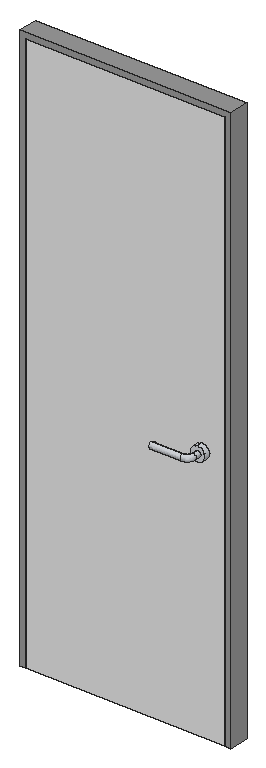
Revit family "- Amparo", category Doors, host Wall, Revit 2018
Family settings
  Host = Wall
  OmniClass Number = 23.30.10.00
  OmniClass Title = Doors
  Always vertical = Yes
  Cut with Voids When Loaded = No
  Shared = No
  Room Calculation Point = No
Parameters (values of type "- 70 x 200 cm")
  Set de Marcos = ""
  Relleno = ""
  Material Marco = - Perfil Aluminio
  Material Hoja = - HDF Primer
  Manilla = - Manilla
  Hojas = "Simple de Abatir"
  Function = Interior
  Frame Projection Ext. = 2.50 cm
  Frame Projection Int. = 2.50 cm
  Frame Width = 7.50 cm
  Height = 200.00 cm
  Wall Closure = By host
  Width = 74.00 cm
  Distancia a Cara Interior = 6.00 cm
  Bisagras = ""
  Ancho Hoja = Width - 4.00 cm  # 70.00 cm
  Ancho = Width  # 74.00 cm
  Analytic Construction = "<None>"
  Alto = Height  # 200.00 cm
Types (12, lengths in cm): name | Material Hoja | Height | Width | Ancho Hoja | Ancho | Alto
  - 70 x 200 cm | - HDF Primer | 200.00 | 74.00 | 70.00 | 74.00 | 200.00
  - 75 x 200 cm | none | 200.00 | 79.00 | 75.00 | 79.00 | 200.00
  - 80 x 200 cm | none | 200.00 | 84.00 | 80.00 | 84.00 | 200.00
  - 85 x 200 cm | none | 200.00 | 89.00 | 85.00 | 89.00 | 200.00
  - 90 x 200 cm | none | 200.00 | 94.00 | 90.00 | 94.00 | 200.00
  -100 x 200 cm | none | 200.00 | 104.00 | 100.00 | 104.00 | 200.00
  - 70 x 210 cm | none | 210.00 | 74.00 | 70.00 | 74.00 | 210.00
  - 75 x 210 cm | none | 210.00 | 79.00 | 75.00 | 79.00 | 210.00
  - 80 x 210 cm | none | 210.00 | 84.00 | 80.00 | 84.00 | 210.00
  - 85 x 210 cm | none | 210.00 | 89.00 | 85.00 | 89.00 | 210.00
  - 90 x 210 cm | none | 210.00 | 94.00 | 90.00 | 94.00 | 210.00
  - 100 x 210 cm | - HDF Crystal | 210.00 | 104.00 | 100.00 | 104.00 | 210.00
Reference planes (cm)
  plane 1: y = 0
  plane 2 "Center (Left/Right)": x = 0
  plane 3 "Left": x = -37
  plane 4 "Right": x = 37
  plane 5: z = 200
  plane 6 "Exterior": y = 7.5
  plane 7 "Interior": y = -7.5
  plane 8: y = -1.5
  plane 9: z = 198
  plane 10: x = -35
  plane 11: x = 35
Forms (cm)
  Sweep 1, solid, material "- Perfil Aluminio" <- "Material Marco"
    path origin (0, 7.5, 0) x (1, 0, 0) y (0, 0, 1)
      loop
        line (37, 0) -> (37, 200) -> (-37, 200) -> (-37, 0)
    profile origin (37, 7.5, 100) x (-1, 0, 0) y (0, -1, 0)
      loop
        line (0, 2) -> (3, 2) -> (3, 4.3) -> (2, 4.3) -> (2, 9) -> (0, 9) -> (0, 2)
  Extrusion 2, solid, material "- HDF Primer" <- "Material Hoja"
    sketch origin (0, 0, 0) x (1, 0, 0) y (0, 1, 0)
      loop
        line (-35, -1.5) -> (35, -1.5) -> (35, 3) -> (-35, 3) -> (-35, -1.5)
    from 0 to 198
  Sweep 3, solid, material "- Manilla" <- "Manilla", not visible
    path origin (5.8483, -7.5601, 0) x (1, 0, 0) y (0, 1, 0)
      loop
        line (22.1517, 15.0613) -> (32.1517, 15.0613)
        arc (32.1517, 15.0613) -> (33.5659, 14.4756) -> (34.1517, 13.0613) r 2
        line (34.1517, 13.0613) -> (34.1517, 11.0613)
    profile origin (33, 7.5012, 0) x (0, 1, 0) y (0, 0, 1)
      loop
        circle (0, 90) r 1
  Extrusion 4, solid, material "- Manilla" <- "Manilla", not visible
    sketch origin (0, 7.5, 0) x (1, 0, 0) y (0, 0, 1)
      loop
        circle (40, 90) r 2.5
    from 3.9988 to 5
Lines and regions (cm)
  Opening 1
    outline origin (-305, -7.5, 0) x (1, 0, 0) y (0, 0, 1)
      loop
        line (268, 0) -> (342, 0) -> (342, 200) -> (268, 200) -> (268, 0)
  symbolic lines, style "Elevation Swing"
    curve 1: line (37, -7.5, 100) -> (-37, -7.5, 200)
    curve 2: line (37, -7.5, 100) -> (-37, -7.5, 0)
    curve 7: arc (-30.5, -71.5, 0) -> (16.4246, -49.6941, 0) -> (35.2596, -1.5001, 0) r 69.4706
  symbolic lines
    curve 3: line (-35, -1.5, 0) -> (-35, -71.5, 0)
    curve 4: line (-30.5, -1.5, 0) -> (-35, -1.5, 0)
    curve 5: line (-30.5, -71.5, 0) -> (-30.5, -1.5, 0)
    curve 6: line (-35, -71.5, 0) -> (-30.5, -71.5, 0)
  model lines, not visible
    curve 8: line (-20, 3, 25) -> (20, 3, 25)
    curve 9: line (-20, 3, 65) -> (-20, 3, 25)
    curve 10: line (20, 3, 65) -> (8.6603, 3, 65)
    curve 11: line (20, 3, 25) -> (20, 3, 65)
    curve 12: line (-20, 3, 75) -> (-8.6603, 3, 75)
    curve 13: line (-20, 3, 75) -> (-20, 3, 169.9666)
    curve 14: line (20, 3, 75) -> (20, 3, 169.9666)
    curve 15: arc (-8.6603, 3, 65) -> (0, 3, 60) -> (8.6603, 3, 65) r 10
    curve 16: line (8.6603, 3, 75) -> (20, 3, 75)
    curve 17: line (-8.6603, 3, 65) -> (-20, 3, 65)
    curve 18: arc (8.6603, 3, 75) -> (0, 3, 80) -> (-8.6603, 3, 75) r 10
    curve 19: arc (14.9666, 3, 175) -> (0, 3, 183) -> (-14.9666, 3, 175) r 18
    curve 20: arc (-20, 3, 169.9666) -> (-16.4409, 3, 171.4409) -> (-14.9666, 3, 175) r 5.0334
    curve 21: arc (14.9666, 3, 175) -> (16.4409, 3, 171.4409) -> (20, 3, 169.9666) r 5.0334
    curve 22: line (-9.2195, 3, 64) -> (-19, 3, 64)
    curve 23: line (-19, 3, 64) -> (-19, 3, 26)
    curve 24: arc (9.2195, 3, 64) -> (0, 3, 59) -> (-9.2195, 3, 64) r 11
    curve 25: line (19, 3, 64) -> (9.2195, 3, 64)
    curve 26: line (19, 3, 26) -> (19, 3, 64)
    curve 27: line (-19, 3, 26) -> (19, 3, 26)
    curve 28: line (-18.9928, 3, 168.9932) -> (-18.9928, 3, 76)
    curve 29: arc (-13.9941, 3, 174.9045) -> (-15.4113, 3, 171.0338) -> (-18.9928, 3, 168.9932) r 5.9946
    curve 30: arc (13.9971, 3, 174.7848) -> (0.0327, 3, 182.1538) -> (-13.9941, 3, 174.9045) r 17.0542
    curve 31: arc (19, 3, 169.1276) -> (15.4988, 3, 171.072) -> (13.9971, 3, 174.7848) r 6.0089
    curve 32: line (19, 3, 76) -> (19, 3, 169.1276)
    curve 33: line (9.2195, 3, 76) -> (19, 3, 76)
    curve 34: arc (-9.2195, 3, 76) -> (0, 3, 81) -> (9.2195, 3, 76) r 11
    curve 35: line (-18.9928, 3, 76) -> (-9.2195, 3, 76)
    curve 36: arc (12.052, 3, 174.0667) -> (0.0498, 3, 180.1537) -> (-12.0243, 3, 174.2107) r 15.0542
    curve 37: arc (-12.0243, 3, 174.2107) -> (-13.561, 3, 170.1508) -> (-16.9928, 3, 167.4925) r 7.9946
    curve 38: line (-16.9928, 3, 167.4925) -> (-16.9928, 3, 78)
    curve 39: line (17, 3, 78) -> (17, 3, 167.6269)
    curve 40: arc (17, 3, 167.6269) -> (13.6492, 3, 170.1731) -> (12.052, 3, 174.0667) r 8.0089
    curve 41: line (-16.9928, 3, 78) -> (-10.247, 3, 78)
    curve 42: arc (-10.247, 3, 78) -> (0, 3, 83) -> (10.247, 3, 78) r 13
    curve 43: line (10.247, 3, 78) -> (17, 3, 78)
    curve 44: line (-10.247, 3, 62) -> (-17, 3, 62)
    curve 45: arc (10.247, 3, 62) -> (0, 3, 57) -> (-10.247, 3, 62) r 13
    curve 46: line (17, 3, 62) -> (10.247, 3, 62)
    curve 47: line (17, 3, 28) -> (17, 3, 62)
    curve 48: line (-17, 3, 28) -> (17, 3, 28)
    curve 49: line (-17, 3, 62) -> (-17, 3, 28)
    curve 50: line (-314, -1.5, 25) -> (-274, -1.5, 25)
    curve 51: line (-314, -1.5, 65) -> (-314, -1.5, 25)
    curve 52: line (-274, -1.5, 25) -> (-274, -1.5, 65)
    curve 53: line (-314, -1.5, 70) -> (-274, -1.5, 70)
    curve 54: line (-314, -1.5, 70) -> (-314, -1.5, 87)
    curve 55: line (-274, -1.5, 70) -> (-274, -1.5, 87)
    curve 56: line (-274, -1.5, 65) -> (-314, -1.5, 65)
    curve 57: line (-275, -1.5, 64) -> (-313, -1.5, 64)
    curve 58: line (-313, -1.5, 64) -> (-313, -1.5, 26)
    curve 59: line (-275, -1.5, 26) -> (-275, -1.5, 64)
    curve 60: line (-313, -1.5, 26) -> (-275, -1.5, 26)
    curve 61: line (-312.9928, -1.5, 86) -> (-312.9928, -1.5, 71)
    curve 62: line (-275, -1.5, 71) -> (-275, -1.5, 86)
    curve 63: line (-312.9928, -1.5, 71) -> (-275, -1.5, 71)
    curve 64: line (-310.9928, -1.5, 84) -> (-310.9928, -1.5, 73)
    curve 65: line (-277, -1.5, 73) -> (-277, -1.5, 84)
    curve 66: line (-310.9928, -1.5, 73) -> (-277, -1.5, 73)
    curve 67: line (-277, -1.5, 62) -> (-311, -1.5, 62)
    curve 68: line (-277, -1.5, 28) -> (-277, -1.5, 62)
    curve 69: line (-311, -1.5, 28) -> (-277, -1.5, 28)
    curve 70: line (-311, -1.5, 62) -> (-311, -1.5, 28)
    curve 71: line (-310.9928, -1.5, 84) -> (-277, -1.5, 84)
    curve 72: line (-314, -1.5, 87) -> (-274, -1.5, 87)
    curve 73: line (-312.9928, -1.5, 86) -> (-275, -1.5, 86)
    curve 74: line (-310.9928, -1.5, 84) -> (-277, -1.5, 84)
    curve 75: line (-314, -1.5, 97) -> (-274, -1.5, 97)
    curve 76: line (-314, -1.5, 185) -> (-314, -1.5, 97)
    curve 77: line (-274, -1.5, 97) -> (-274, -1.5, 185)
    curve 78: line (-274, -1.5, 185) -> (-314, -1.5, 185)
    curve 79: line (-275, -1.5, 184) -> (-313, -1.5, 184)
    curve 80: line (-313, -1.5, 184) -> (-313, -1.5, 98)
    curve 81: line (-275, -1.5, 98) -> (-275, -1.5, 184)
    curve 82: line (-313, -1.5, 98) -> (-275, -1.5, 98)
    curve 83: line (-277, -1.5, 182) -> (-311, -1.5, 182)
    curve 84: line (-277, -1.5, 100) -> (-277, -1.5, 182)
    curve 85: line (-311, -1.5, 100) -> (-277, -1.5, 100)
    curve 86: line (-311, -1.5, 182) -> (-311, -1.5, 100)
    curve 87: line (-320, 3, 25) -> (-280, 3, 25)
    curve 88: line (-320, 3, 65) -> (-320, 3, 25)
    curve 89: line (-280, 3, 25) -> (-280, 3, 65)
    curve 90: line (-320, 3, 72.5) -> (-280, 3, 72.5)
    curve 91: line (-280, 3, 65) -> (-320, 3, 65)
    curve 92: line (-281, 3, 64) -> (-319, 3, 64)
    curve 93: line (-319, 3, 64) -> (-319, 3, 26)
    curve 94: line (-281, 3, 26) -> (-281, 3, 64)
    curve 95: line (-319, 3, 26) -> (-281, 3, 26)
    curve 96: line (-319, 3, 73.5) -> (-281, 3, 73.5)
    curve 97: line (-317, 3, 75.5) -> (-283, 3, 75.5)
    curve 98: line (-283, 3, 62) -> (-317, 3, 62)
    curve 99: line (-283, 3, 28) -> (-283, 3, 62)
    curve 100: line (-317, 3, 28) -> (-283, 3, 28)
    curve 101: line (-317, 3, 62) -> (-317, 3, 28)
    curve 102: line (-320, 3, 179.3431) -> (-320, 3, 72.5)
    curve 103: line (-280, 3, 72.5) -> (-280, 3, 179.3431)
    curve 104: line (-319, 3, 178.3431) -> (-319, 3, 73.5)
    curve 105: line (-281, 3, 73.5) -> (-281, 3, 178.3431)
    curve 106: line (-283, 3, 75.5) -> (-283, 3, 176.3431)
    curve 107: line (-317, 3, 176.3431) -> (-317, 3, 75.5)
    curve 108: arc (-292, 3, 181) -> (-300, 3, 185) -> (-308, 3, 181) r 10
    curve 109: arc (-292, 3, 181) -> (-290.1648, 3, 179.7737) -> (-288, 3, 179.3431) r 5.6569
    curve 110: arc (-308, 3, 181) -> (-309.8352, 3, 179.7737) -> (-312, 3, 179.3431) r 5.6569
    curve 111: line (-288, 3, 179.3431) -> (-280, 3, 179.3431)
    curve 112: line (-312, 3, 179.3431) -> (-320, 3, 179.3431)
    curve 113: line (-281, 3, 178.3431) -> (-288, 3, 178.3431)
    curve 114: arc (-288, 3, 178.3431) -> (-290.5825, 3, 178.8645) -> (-292.7604, 3, 180.3468) r 6.6569
    curve 115: arc (-292.7604, 3, 180.3468) -> (-300, 3, 184) -> (-307.2396, 3, 180.3468) r 9
    curve 116: arc (-307.2396, 3, 180.3468) -> (-309.4175, 3, 178.8645) -> (-312, 3, 178.3431) r 6.6569
    curve 117: line (-312, 3, 178.3431) -> (-319, 3, 178.3431)
    curve 118: line (-283, 3, 176.3431) -> (-288, 3, 176.3431)
    curve 119: arc (-288, 3, 176.3431) -> (-291.43, 3, 177.0516) -> (-294.2985, 3, 179.0611) r 8.6569
    curve 120: arc (-294.2985, 3, 179.0611) -> (-300, 3, 182) -> (-305.7015, 3, 179.0611) r 7
    curve 121: arc (-305.7015, 3, 179.0611) -> (-308.57, 3, 177.0516) -> (-312, 3, 176.3431) r 8.6569
    curve 122: line (-312, 3, 176.3431) -> (-317, 3, 176.3431)
    curve 123: line (302, -1.5, 25) -> (342, -1.5, 25)
    curve 124: line (302, -1.5, 65) -> (302, -1.5, 25)
    curve 125: line (342, -1.5, 25) -> (342, -1.5, 65)
    curve 126: line (302, -1.5, 77.5) -> (342, -1.5, 77.5)
    curve 127: line (342, -1.5, 65) -> (302, -1.5, 65)
    curve 128: line (341, -1.5, 64) -> (303, -1.5, 64)
    curve 129: line (303, -1.5, 64) -> (303, -1.5, 26)
    curve 130: line (341, -1.5, 26) -> (341, -1.5, 64)
    curve 131: line (303, -1.5, 26) -> (341, -1.5, 26)
    curve 132: line (303, -1.5, 78.5) -> (341, -1.5, 78.5)
    curve 133: line (304.9998, -1.5, 80.5) -> (339.0011, -1.5, 80.5)
    curve 134: line (339, -1.5, 62) -> (305, -1.5, 62)
    curve 135: line (339, -1.5, 28) -> (339, -1.5, 62)
    curve 136: line (305, -1.5, 28) -> (339, -1.5, 28)
    curve 137: line (305, -1.5, 62) -> (305, -1.5, 28)
    curve 138: line (302, -1.5, 185) -> (302, -1.5, 77.5)
    curve 139: line (342, -1.5, 77.5) -> (342, -1.5, 185)
    curve 140: line (303, -1.5, 184) -> (303, -1.5, 78.5)
    curve 141: line (341, -1.5, 78.5) -> (341, -1.5, 184)
    curve 142: line (339.0011, -1.5, 80.5) -> (339.0011, -1.5, 182)
    curve 143: line (304.9998, -1.5, 182) -> (304.9998, -1.5, 80.5)
    curve 144: line (306, 3, 25) -> (346, 3, 25)
    curve 145: line (306, 3, 65) -> (306, 3, 25)
    curve 146: line (346, 3, 25) -> (346, 3, 65)
    curve 147: line (306, 3, 77.5) -> (346, 3, 77.5)
    curve 148: line (346, 3, 65) -> (306, 3, 65)
    curve 149: line (345, 3, 64) -> (307, 3, 64)
    curve 150: line (307, 3, 64) -> (307, 3, 26)
    curve 151: line (345, 3, 26) -> (345, 3, 64)
    curve 152: line (307, 3, 26) -> (345, 3, 26)
    curve 153: line (307, 3, 78.5) -> (345, 3, 78.5)
    curve 154: line (308.9998, 3, 80.5) -> (343.0011, 3, 80.5)
    curve 155: line (343, 3, 62) -> (309, 3, 62)
    curve 156: line (343, 3, 28) -> (343, 3, 62)
    curve 157: line (309, 3, 28) -> (343, 3, 28)
    curve 158: line (309, 3, 62) -> (309, 3, 28)
    curve 159: line (306, 3, 185) -> (306, 3, 77.5)
    curve 160: line (346, 3, 77.5) -> (346, 3, 185)
    curve 161: line (307, 3, 184) -> (307, 3, 78.5)
    curve 162: line (345, 3, 78.5) -> (345, 3, 184)
    curve 163: line (343.0011, 3, 80.5) -> (343.0011, 3, 182)
    curve 164: line (308.9998, 3, 182) -> (308.9998, 3, 80.5)
    curve 165: line (346, 3, 185) -> (306, 3, 185)
    curve 166: line (345, 3, 184) -> (307, 3, 184)
    curve 167: line (343.0011, 3, 182) -> (308.9998, 3, 182)
    curve 168: line (302, -1.5, 185) -> (342, -1.5, 185)
    curve 169: line (341, -1.5, 184) -> (303, -1.5, 184)
    curve 170: line (339.0011, -1.5, 182) -> (304.9998, -1.5, 182)
    curve 171: line (24, 7.5, 179) -> (-49, 7.5, 179)
    curve 172: line (24, 7.5, 178) -> (-49, 7.5, 178)
    curve 175: line (-49, 7.5, 178.5) -> (-48.8, 7.5, 178.5)
  model lines
    curve 173: line (-34, 7.5, 34.5) -> (-33.8, 7.5, 34.5)
    curve 174: line (-34, 7.5, 172.5) -> (-33.8, 7.5, 172.5)
    curve 176: line (-34, 7.5, 138) -> (-33.8, 7.5, 138)
    curve 177: line (-34, 7.5, 103.5) -> (-33.8, 7.5, 103.5)
    curve 178: line (-34, 7.5, 69) -> (-33.8, 7.5, 69)
    curve 179: line (21, -1.5, 198) -> (21, -1.5, 0)
    curve 180: line (21, 3, 197) -> (21, 3, 0)
    curve 181: line (-21, 3, 197) -> (-21, 3, 0)
    curve 182: line (21, 3, 164.1667) -> (-21, 3, 164.1667)
    curve 183: line (21, 3, 131.3333) -> (-21, 3, 131.3333)
    curve 184: line (21, 3, 98.5) -> (-21, 3, 98.5)
    curve 185: line (21, 3, 65.6667) -> (-21, 3, 65.6667)
    curve 186: line (21, 3, 32.8333) -> (-21, 3, 32.8333)
    curve 187: line (-21, -1.5, 198) -> (-21, -1.5, 0)
    curve 188: line (-21, -1.5, 33) -> (21, -1.5, 33)
    curve 189: line (-21, -1.5, 66) -> (21, -1.5, 66)
    curve 190: line (-21, -1.5, 99) -> (21, -1.5, 99)
    curve 191: line (-21, -1.5, 132) -> (21, -1.5, 132)
    curve 192: line (-21, -1.5, 165) -> (21, -1.5, 165)
Text (cm)
  text "Exterior" at (-229.5016, 109.9543, 0), in view "Ref. Level"
  text "Exterior" at (0, 161.538, 369.8081), in view "Left"
  text "Exterior" at (0, 103.6032, 387.4932), in view "Right"
Dimensions and locks (cm)
  equal spacing: plane 3 "Left", plane 2 "Center (Left/Right)", plane 4 "Right"
  "Width": plane 3 "Left" to plane 4 "Right"
  "Height": plane 5 to host wall
  equal spacing: host wall, curve 2, plane 5
  host wall to plane 5 = 200.00 cm
  locked: plane 6 "Exterior" to host wall at 0
  locked: plane 7 "Interior" to host wall
  "Distancia a Cara Interior": plane 7 "Interior" to plane 8
  locked: Sweep 1 sketch curve to Sweep 1 sketch curve at 7
  locked: plane 9 to plane 5 at 2
  locked: curve 3 to curve 5 at 4.5
  locked: plane 3 "Left" to plane 10 at 2
  locked: plane 11 to plane 4 "Right" at 2
  "Ancho Hoja": curve 6 to curve 4
  locked: Extrusion 2 sketch curve to Extrusion 2 sketch curve at 4.5
  locked: nested 1 to plane 4 "Right" at 10
  level to nested 1 = 90.00 cm
  locked: nested 2 to plane 4 "Right" at 10
  locked: nested 2 to level at 90
  locked: Sweep 1 sketch curve to Sweep 1 sketch curve at 2.3
  equal spacing: level, curve 186, curve 185, curve 184, curve 183, curve 182, Sweep 1
  equal spacing: Extrusion 2, curve 192, curve 191, curve 190, curve 189, curve 188, level
  locked: plane 10 to curve 181 at 14
  locked: curve 180 to plane 11 at 14
  locked: curve 179 to plane 11 at 14
  locked: plane 10 to curve 187 at 14
  aligned and locked: plane 3 "Left" to Opening 1 sketch curve
  aligned and locked: plane 5 to Opening 1 sketch curve  (x2)
  aligned and locked: Opening 1 sketch curve to plane 4 "Right"
  aligned and locked: Opening 1 sketch curve to level
  aligned and locked: plane 5 to curve 1
  aligned and locked: plane 3 "Left" to curve 2
  aligned and locked: plane 1 to host wall
  aligned and locked: plane 3 "Left" to curve 1
  aligned and locked: plane 8 to Sweep 1 sketch curve
  aligned and locked: Extrusion 2 sketch curve to plane 8
  aligned and locked: Sweep 1 to level
  aligned and locked: plane 10 to curve 3
  aligned and locked: Sweep 3 to Extrusion 4
  aligned and locked: Extrusion 2 to plane 9
Automatic sketch dimensions
  plane 4 "Right" to curve 2 = 0.00 cm
  curve 2 to level = 0.00 cm
  plane 3 "Left" to Sweep 1 sketch curve = 0.00 cm
  plane 4 "Right" to Sweep 1 sketch curve = 0.00 cm
  Sweep 1 sketch curve to level = 0.00 cm  (x2)
  Sweep 1 sketch curve to plane 5 = 0.00 cm
  Sweep 1 sketch curve to profile plane = 0.00 cm
  Sweep 1 sketch curve to profile plane = 2.00 cm
  Sweep 1 sketch curve to Sweep 1 sketch curve = 1.00 cm
  curve 7 to plane 8 = 0.0001 cm
  curve 7 to plane 11 = 0.2596 cm
  curve 4 to plane 8 = 0.00 cm
  curve 7 to plane 10 = 0.7919 cm
  Sweep 3 sketch curve to Sweep 3 sketch curve = 10.00 cm
  Sweep 3 sketch curve to Sweep 3 sketch curve = 2.00 cm  (x2)
  Sweep 3 sketch curve to profile plane = 0.00 cm
  profile plane to Sweep 3 sketch curve = 90.00 cm
  Extrusion 2 sketch curve to plane 10 = 0.00 cm
  Extrusion 2 sketch curve to plane 11 = 0.00 cm
  curve 15 to curve 18 = 0.00 cm  (x4)
  curve 15 to curve 24 = 0.00 cm  (x4)
  curve 15 to curve 34 = 0.00 cm  (x4)
  curve 15 to curve 42 = 0.00 cm  (x4)
  curve 15 to curve 45 = 0.00 cm  (x4)
  curve 29 to curve 37 = 0.00 cm  (x4)
  curve 30 to curve 36 = 0.00 cm  (x4)
  curve 31 to curve 40 = 0.00 cm  (x4)
  curve 8 to curve 31 = 0.00 cm
  curve 21 to curve 31 = 0.00 cm
  curve 14 to curve 32 = 1.00 cm
  curve 10 to curve 26 = 1.00 cm
  curve 26 to curve 47 = 2.00 cm
  curve 32 to curve 39 = 2.00 cm
  curve 46 to curve 46 = 6.753 cm
  curve 39 to curve 43 = 6.753 cm
  curve 42 to curve 33 = 1.0274 cm
  curve 45 to curve 25 = 1.0274 cm
  curve 33 to curve 16 = 0.5593 cm
  curve 24 to curve 10 = 0.5593 cm
  curve 16 to curve 24 = 8.6603 cm
  curve 39 to curve 19 = 17.00 cm
  curve 19 to curve 36 = 0.0402 cm
  curve 15 to curve 12 = 8.6603 cm
  curve 15 to curve 17 = 8.6603 cm
  curve 15 to curve 22 = 0.5593 cm
  curve 12 to curve 35 = 0.5593 cm
  curve 22 to curve 44 = 1.0274 cm
  curve 34 to curve 41 = 1.0274 cm
  curve 41 to curve 38 = 6.7459 cm
  curve 47 to curve 48 = 34.00 cm
  curve 38 to curve 35 = 2.00 cm
  curve 44 to curve 22 = 2.00 cm
  curve 28 to curve 29 = 0.9959 cm
  curve 29 to curve 20 = 0.0113 cm
  curve 22 to curve 17 = 1.00 cm
  curve 8 to curve 26 = 1.00 cm
  curve 23 to curve 49 = 2.00 cm
  curve 48 to curve 49 = 34.00 cm
  curve 45 to curve 25 = 2.00 cm
  curve 25 to curve 10 = 1.00 cm
  curve 10 to curve 45 = 5.00 cm
  curve 10 to curve 16 = 10.00 cm
  curve 12 to curve 35 = 1.00 cm
  curve 34 to curve 41 = 2.00 cm
  curve 41 to curve 19 = 87.00 cm
  curve 19 to curve 30 = 0.0997 cm
  curve 36 to curve 38 = 2.3928 cm
  curve 19 to curve 39 = 2.6269 cm
  curve 37 to curve 28 = 1.5007 cm
  curve 39 to curve 32 = 1.5007 cm
  curve 28 to curve 13 = 0.9734 cm
  curve 31 to curve 14 = 0.839 cm
  curve 13 to curve 29 = 4.9378 cm
  curve 29 to curve 20 = 0.0955 cm
  curve 21 to curve 40 = 0.0527 cm
  curve 31 to curve 36 = 1.9451 cm
  curve 55 to curve 62 = 1.4142 cm
  curve 59 to curve 68 = 2.8284 cm
  curve 62 to curve 65 = 2.8284 cm
  curve 53 to curve 63 = 1.4142 cm
  curve 57 to curve 67 = 2.8284 cm
  curve 66 to curve 64 = 33.9928 cm
  curve 68 to curve 69 = 34.00 cm
  curve 64 to curve 63 = 2.8284 cm
  curve 67 to curve 57 = 2.8284 cm
  curve 57 to curve 56 = 1.4142 cm
  curve 50 to curve 59 = 1.4142 cm
  curve 58 to curve 70 = 2.8284 cm
  curve 69 to curve 70 = 34.00 cm  (x2)
  curve 53 to curve 63 = 1.4193 cm
  curve 65 to curve 62 = 2.8284 cm
  curve 61 to curve 54 = 1.4193 cm
  curve 18 to curve 24 = 0.00 cm  (x2)
  curve 18 to curve 34 = 0.00 cm  (x2)
  curve 18 to curve 42 = 0.00 cm  (x2)
  curve 18 to curve 45 = 0.00 cm  (x2)
  curve 24 to curve 34 = 0.00 cm  (x2)
  curve 24 to curve 42 = 0.00 cm  (x2)
  curve 24 to curve 45 = 0.00 cm  (x2)
  curve 34 to curve 42 = 0.00 cm  (x2)
  curve 34 to curve 45 = 0.00 cm  (x2)
  curve 42 to curve 45 = 0.00 cm  (x2)
  curve 72 to curve 51 = 0.00 cm
  curve 75 to curve 54 = 0.00 cm
  curve 76 to curve 79 = 1.00 cm
  curve 51 to curve 57 = 1.00 cm
  curve 53 to curve 63 = 1.0072 cm
  curve 79 to curve 86 = 2.00 cm
  curve 58 to curve 70 = 2.00 cm
  curve 61 to curve 66 = 2.00 cm
  curve 64 to curve 65 = 33.9928 cm
  curve 69 to curve 69 = 34.00 cm
  curve 85 to curve 65 = 0.00 cm
  curve 68 to curve 60 = 2.00 cm
  curve 65 to curve 63 = 2.00 cm
  curve 84 to curve 82 = 2.00 cm
  curve 62 to curve 55 = 1.00 cm
  curve 57 to curve 56 = 1.00 cm  (x2)
  curve 79 to curve 78 = 1.00 cm  (x2)
  curve 50 to curve 59 = 1.00 cm
  curve 59 to curve 68 = 2.00 cm
  curve 67 to curve 57 = 2.00 cm
  curve 52 to curve 53 = 5.00 cm
  curve 53 to curve 63 = 1.00 cm
  curve 62 to curve 66 = 2.00 cm
  curve 65 to curve 71 = 11.00 cm
  curve 65 to curve 62 = 2.00 cm
  curve 62 to curve 72 = 1.00 cm
  curve 55 to curve 75 = 10.00 cm
  curve 75 to curve 82 = 1.00 cm
  curve 81 to curve 84 = 2.00 cm
  curve 84 to curve 84 = 82.00 cm
  curve 83 to curve 79 = 2.00 cm
  curve 87 to curve 90 = 0.00 cm
  curve 103 to curve 105 = 1.00 cm
  curve 89 to curve 92 = 1.00 cm
  curve 105 to curve 106 = 2.00 cm
  curve 92 to curve 99 = 2.00 cm
  curve 98 to curve 98 = 34.00 cm
  curve 106 to curve 107 = 34.00 cm
  curve 97 to curve 96 = 2.00 cm
  curve 98 to curve 92 = 2.00 cm
  curve 96 to curve 102 = 1.00 cm
  curve 92 to curve 91 = 1.00 cm
  curve 87 to curve 94 = 1.00 cm
  curve 94 to curve 99 = 2.00 cm
  curve 100 to curve 101 = 34.00 cm
  curve 98 to curve 93 = 2.00 cm
  curve 92 to curve 89 = 1.00 cm
  curve 89 to curve 103 = 7.50 cm
  curve 90 to curve 105 = 1.00 cm
  curve 96 to curve 106 = 2.00 cm
  curve 97 to curve 107 = 100.8431 cm
  curve 106 to curve 107 = 0.00 cm
  curve 106 to curve 105 = 2.00 cm
  curve 105 to curve 103 = 1.00 cm
  curve 123 to curve 126 = 52.50 cm
  curve 139 to curve 141 = 1.4142 cm
  curve 125 to curve 128 = 1.4142 cm
  curve 141 to curve 142 = 2.8276 cm
  curve 128 to curve 135 = 2.8284 cm
  curve 134 to curve 134 = 34.00 cm
  curve 142 to curve 143 = 34.0013 cm  (x2)
  curve 133 to curve 132 = 2.8283 cm
  curve 134 to curve 128 = 2.8284 cm
  curve 132 to curve 138 = 1.4142 cm
  curve 128 to curve 127 = 1.4142 cm
  curve 123 to curve 130 = 1.4142 cm
  curve 130 to curve 135 = 2.8284 cm
  curve 136 to curve 137 = 34.00 cm  (x2)
  curve 134 to curve 129 = 2.8284 cm
  curve 128 to curve 125 = 1.4142 cm
  curve 125 to curve 139 = 12.50 cm
  curve 126 to curve 141 = 1.4142 cm
  curve 132 to curve 142 = 2.8276 cm
  curve 133 to curve 143 = 101.50 cm
  curve 142 to curve 141 = 2.8276 cm
  curve 143 to curve 140 = 2.8283 cm
  curve 141 to curve 139 = 1.4142 cm
  curve 140 to curve 138 = 1.4142 cm
  curve 108 to curve 115 = 0.00 cm  (x4)
  curve 108 to curve 120 = 0.00 cm  (x4)
  curve 109 to curve 114 = 0.00 cm  (x3)
  curve 109 to curve 119 = 0.00 cm  (x4)
  curve 110 to curve 116 = 0.00 cm  (x3)
  curve 110 to curve 121 = 0.00 cm  (x3)
  curve 114 to curve 119 = 0.00 cm  (x3)
  curve 116 to curve 121 = 0.00 cm  (x4)
  curve 106 to curve 111 = 5.00 cm
  curve 118 to curve 115 = 12.00 cm
  curve 110 to curve 104 = 7.00 cm
  curve 115 to curve 106 = 1.3431 cm
  curve 122 to curve 117 = 2.00 cm
  curve 117 to curve 112 = 1.00 cm
  curve 110 to curve 121 = 5.6569 cm
  curve 111 to curve 109 = 5.6569 cm
  curve 109 to curve 109 = 4.00 cm
  curve 108 to curve 115 = 0.7604 cm
  curve 115 to curve 119 = 1.5381 cm
  curve 115 to curve 120 = 0.00 cm  (x2)
  curve 144 to curve 147 = 52.50 cm
  curve 160 to curve 162 = 1.4142 cm
  curve 146 to curve 149 = 1.4142 cm
  curve 162 to curve 163 = 2.8276 cm
  curve 149 to curve 156 = 2.8284 cm
  curve 155 to curve 155 = 34.00 cm  (x2)
  curve 163 to curve 164 = 34.0013 cm  (x3)
  curve 154 to curve 153 = 2.8283 cm
  curve 155 to curve 149 = 2.8284 cm
  curve 153 to curve 159 = 1.4142 cm
  curve 149 to curve 148 = 1.4142 cm
  curve 144 to curve 151 = 1.4142 cm  (x2)
  curve 151 to curve 156 = 2.8284 cm  (x2)
  curve 157 to curve 158 = 34.00 cm  (x3)
  curve 155 to curve 150 = 2.8284 cm  (x2)
  curve 149 to curve 146 = 1.4142 cm  (x2)
  curve 146 to curve 160 = 12.50 cm  (x3)
  curve 147 to curve 162 = 1.4142 cm
  curve 153 to curve 163 = 2.8276 cm
  curve 154 to curve 164 = 101.50 cm  (x2)
  curve 163 to curve 162 = 2.8276 cm  (x2)
  curve 164 to curve 161 = 2.8283 cm
  curve 162 to curve 160 = 1.4142 cm
  curve 161 to curve 159 = 1.4142 cm
  curve 159 to curve 145 = 120.00 cm
  curve 147 to curve 161 = 1.4142 cm
  curve 145 to curve 149 = 1.4142 cm
  curve 150 to curve 158 = 2.8284 cm
  curve 153 to curve 154 = 2.8283 cm
  curve 155 to curve 163 = 18.50 cm
  curve 156 to curve 152 = 2.8284 cm
  curve 153 to curve 160 = 1.4142 cm
  curve 151 to curve 144 = 1.4142 cm
  curve 147 to curve 153 = 1.4142 cm
  curve 153 to curve 164 = 2.8283 cm
  curve 144 to curve 147 = 0.00 cm
  curve 147 to curve 153 = 1.00 cm  (x2)
  curve 146 to curve 149 = 1.00 cm
  curve 162 to curve 163 = 1.9989 cm
  curve 149 to curve 156 = 2.00 cm
  curve 155 to curve 158 = 34.00 cm
  curve 164 to curve 161 = 1.9998 cm
  curve 155 to curve 149 = 2.00 cm
  curve 150 to curve 145 = 1.00 cm
  curve 153 to curve 147 = 1.00 cm
  curve 144 to curve 151 = 1.00 cm
  curve 151 to curve 156 = 2.00 cm
  curve 155 to curve 150 = 2.00 cm
  curve 149 to curve 148 = 1.00 cm
  curve 153 to curve 154 = 2.00 cm
  curve 164 to curve 161 = 2.00 cm
  curve 161 to curve 159 = 1.00 cm
  curve 168 to curve 124 = 0.00 cm
  curve 126 to curve 132 = 1.00 cm  (x2)
  curve 124 to curve 128 = 1.00 cm
  curve 132 to curve 143 = 1.9998 cm
  curve 129 to curve 137 = 2.00 cm
  curve 134 to curve 135 = 34.00 cm
  curve 134 to curve 133 = 0.0011 cm
  curve 134 to curve 130 = 2.00 cm  (x2)
  curve 133 to curve 132 = 1.9989 cm
  curve 141 to curve 139 = 1.00 cm
  curve 128 to curve 125 = 1.00 cm
  curve 123 to curve 130 = 1.00 cm
  curve 130 to curve 136 = 2.00 cm
  curve 128 to curve 127 = 1.00 cm
  curve 124 to curve 138 = 12.50 cm
  curve 132 to curve 143 = 2.00 cm
  curve 133 to curve 168 = 104.50 cm
  curve 142 to curve 141 = 2.00 cm
  curve 169 to curve 139 = 1.00 cm
  curve 173 to curve 173 = 0.20 cm  (x2)
  curve 174 to curve 174 = 0.20 cm  (x2)
  curve 175 to curve 175 = 0.20 cm
  curve 175 to curve 172 = 72.80 cm
  curve 171 to curve 172 = 0.00 cm  (x2)
  curve 172 to curve 175 = 0.50 cm
  curve 175 to curve 171 = 0.50 cm
  curve 175 to curve 172 = 0.00 cm
  curve 176 to curve 176 = 0.20 cm  (x2)
  curve 177 to curve 177 = 0.20 cm  (x2)
  curve 178 to curve 178 = 0.20 cm  (x2)
  curve 173 to plane 10 = 1.20 cm
  level to curve 173 = 34.50 cm
  curve 179 to Extrusion 2 = 0.00 cm  (x2)
  curve 187 to Extrusion 2 = 0.00 cm  (x2)
  curve 180 to Extrusion 2 = 0.00 cm
  curve 181 to Extrusion 2 = 0.00 cm
  Extrusion 2 to curve 180 = 1.00 cm
  Extrusion 2 to curve 181 = 1.00 cm
  curve 178 to plane 10 = 1.00 cm
  level to curve 178 = 69.00 cm
  curve 176 to plane 10 = 1.00 cm
  curve 177 to plane 10 = 1.00 cm
  curve 174 to plane 10 = 1.00 cm
  curve 178 to curve 177 = 34.50 cm
  curve 177 to curve 176 = 34.50 cm
  plane 9 to curve 174 = 25.50 cm
  radius of Sweep 3 sketch curve = 1.00 cm
  radius of Extrusion 4 sketch curve = 2.50 cm
Nested families (cm)
  nested 1: "- Manilla Generica Puerta" at (27, 3, 90) x (0, 0, -1) z (0, 1, 0), type "- Manilla Generica Puerta"
  nested 2: "- Manilla Generica Puerta" at (27, -1.5, 90) x (0, 0, -1) z (0, -1, 0), type "- Manilla Generica Puerta"
Definition of nested family "- Manilla Generica Puerta"
  Parameters (values of type "- Manilla Generica Puerta")
    Manilla = none
    Default Elevation = 121.92 cm
  Reference planes (cm)
    plane 1 "Center (Front/Back)": y = 0
    plane 2: z = 0
    plane 3 "Center (Left/Right)": x = 0
    plane 4: z = 2
  Forms (cm)
    Extrusion 1, solid
      sketch origin (0, 0, 0) x (1, 0, 0) y (0, 1, 0)
        loop
          line (-121.92, 121.92) -> (-121.92, -121.92) -> (121.92, -121.92) -> (121.92, 121.92) -> (-121.92, 121.92)
      from 0 to -30.48
    Extrusion 2, solid, material <- "Manilla"
      sketch origin (0, 0, 0) x (1, 0, 0) y (0, 1, 0)
        loop
          circle (0, 0) r 2.5
      from 0 to 2
    Sweep 3, solid, material <- "Manilla"
      path origin (0, 0, 0) x (0, 1, 0) y (0, 0, 1)
        loop
          line (0, 2) -> (0, 4)
          arc (0, 4) -> (0.5858, 5.4142) -> (2, 6) r 2
          line (2, 6) -> (13, 6)
      profile origin (0, 0, 3) x (0, -1, 0) y (1, 0, 0)
        loop
          circle (0, 0) r 1
  Dimensions and locks (cm)
    locked: Extrusion 2 to Extrusion 2 at 2
    locked: plane 4 to level at 2
    aligned and locked: plane 2 to Extrusion 1
    aligned and locked: level to Extrusion 1
    aligned and locked: plane 4 to Sweep 3
